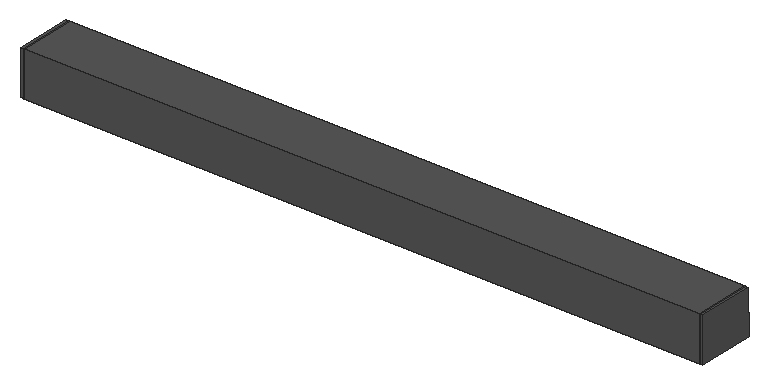
Revit family "EOS3.0-W-I", category Lighting Fixtures, host Face, Revit 2018
Family settings
  Host = Face
  Round Connector Dimension = Use Diameter
  Part Type = Normal
  Cut with Voids When Loaded = No
  Light Source = Yes
  Shared = Yes
  Room Calculation Point = Yes
Parameters (values of type "4' Indirect")
  Wattage = 17.6471 W
  built-in parameter 1150110 = 1 (stored number, unit not read)
  Voltage = 0 V
  built-in parameter 1114217 = 1 (stored number, unit not read)
  built-in parameter 1150109 = 1 (stored number, unit not read)
  built-in parameter 1150134 = 12
  Switch Leg Visibility = no
  Switch Leg [instance] = ""
  built-in parameter 1150113 = 1 (stored number, unit not read)
  Material [instance] = LUX ILLUMINAIRE Black
  built-in parameter 1150105 = 477.46 (stored number, unit not read)
  Lumens = 1500 lm
  built-in parameter 1150115 = 1 (stored number, unit not read)
  Light Source Symbol Size = 2' - 0"
  built-in parameter 1150137 = (empty or 0)
  built-in parameter 1150139 = (empty or 0)
  built-in parameter 1150112 = 1 (stored number, unit not read)
  built-in parameter 1150114 = 1 (stored number, unit not read)
  Lamp = "LED"
  built-in parameter 1150132 = 2
  built-in parameter 1150102 = (empty or 0)
  built-in parameter 1150107 = 4000 (stored number, unit not read)
  built-in parameter 1150138 = (empty or 0)
  built-in parameter 1150106 = 4.7746 (stored number, unit not read)
  Fixture Width = 0' - 3 19/128"  # constant formula
  Fixture Symbol Visiblity = yes
  Fixture Length = 4' - 0.00128"
  Emit from Rectangle Width = Fixture Width - 0' 0 1/4"  # 0' - 2 115/128"
  Emit from Rectangle Length = Fixture Length  # 4' - 0.00128"
  Emit Shape Visible in Rendering = yes
  Emergency Lighting [instance] = no
  built-in parameter 1150104 = 7.8968 (stored number, unit not read)
  Dimming Lamp Color Temperature Shift = <None>
  Default Elevation = 7' - 0"
  Color Filter = 16777215
  built-in parameter 1140040 [instance] = 1
  built-in parameter 1114218 = 1 (stored number, unit not read)
  built-in parameter 1150133 = 10 (stored number, unit not read)
  Apparent Load = 14.6 VA
Types (6): name | Wattage | built-in parameter 1150105 | Lumens | built-in parameter 1150106 | Fixture Length | Emit from Rectangle Length | Apparent Load
  3' Indirect | 13.2353 W | 358.1 (stored number, unit not read) | 1125 lm | 3.581 (stored number, unit not read) | 3' - 0" | 3' - 0" | 11 VA
  4' Indirect | 17.6471 W | 477.46 (stored number, unit not read) | 1500 lm | 4.7746 (stored number, unit not read) | 4' - 0.00128" | 4' - 0.00128" | 14.6 VA
  5' Indirect | 22.0588 W | 596.83 (stored number, unit not read) | 1875 lm | 5.9683 (stored number, unit not read) | 5' - 0" | 5' - 0" | 18.2 VA
  6' Indirect | 26.4706 W | 716.2 (stored number, unit not read) | 2250 lm | 7.162 (stored number, unit not read) | 6' - 0" | 6' - 0" | 21.9 VA
  7' Indirect | 30.8824 W | 835.56 (stored number, unit not read) | 2625 lm | 8.3556 (stored number, unit not read) | 7' - 0" | 7' - 0" | 25.5 VA
  8' Indirect | 35.2941 W | 954.93 (stored number, unit not read) | 3000 lm | 9.5493 (stored number, unit not read) | 8' - 0" | 8' - 0" | 29.2 VA
Reference planes (in)
  plane 1 "Center (Front/Back)": y = 0
  plane 2: z = 0
  plane 3 "Center (Left/Right)": x = 0
  plane 4: x = 24.00064
  plane 5: x = -24.00064
  plane 6: z = 1
  plane 7: x = 24.24868
  plane 8: x = -24.24933
  plane 9: z = 3.14844
Forms (in)
  Extrusion 1, solid, material "LUX ILLUMINAIRE Black" <- "Material"
    sketch origin (0.0005, -20.10019, 2.09616) x (0.000014, 0, -1) y (0, 1, 0)
      loop
        line (-1.05262, 20.08053) -> (2.09501, 20.08053) -> (2.09501, 24.09501) -> (2.01002, 24.09501) -> (2.01002, 23.982) -> (1.85803, 23.99997) -> (-0.81606, 23.99997) -> (-0.96763, 23.982) -> (-0.96763, 24.09501) -> (-1.05262, 24.09501) -> (-1.05262, 20.08053)
    from -24.00117 to 24.00014
  Extrusion 2, solid, material "LUX ILLUMINAIRE Black" <- "Material"
    sketch origin (0.0005, -20.10019, 2.09616) x (0.000014, 0, -1) y (0, 1, 0)
      loop
        line (-1.05227, 24.09501) -> (-1.05227, 20.08053) -> (2.09501, 20.08053) -> (2.09501, 24.09501) -> (-1.05227, 24.09501)
    from 24.00011 to 24.24818
  Extrusion 3, solid, not visible
    sketch origin (0, 0, 0) x (1, 0, 0) y (0, 1, 0)
      loop
        circle (0.00029, -24) r 0.1875
    from 0 to 1
  Extrusion 4, solid, not visible
    sketch origin (0, 0, 0) x (1, 0, 0) y (0, 1, 0)
      loop
        circle (0.0005, -24) r 0.03125
    from 1 to 13.33203
  Extrusion 5, solid, not visible
    sketch origin (0, 0, 0) x (1, 0, 0) y (0, 1, 0)
      loop
        circle (0.0005, -24) r 0.18729
    from 13.33203 to 14.08203
  Extrusion 6, solid, material "LUX ILLUMINAIRE Black" <- "Material"
    sketch origin (-23.9995, -20.10019, 2.09526) x (0.000014, 0, -1) y (0, -1, 0)
      loop
        line (-1.05318, -24.09501) -> (2.09319, -24.09501) -> (2.09319, -20.08053) -> (-1.05318, -20.08053) -> (-1.05318, -24.09501)
    from 0.00114 to 0.24986
Lines and regions (in)
  symbolic lines, visible <- "Fixture Symbol Visiblity"
    curve 1: line (24.00064, 0, 3.14844) -> (-24.00064, 0, 3.14844)
    curve 2: line (24.00064, 0, 0.09334) -> (24.00064, 0, 3.14844)
    curve 3: line (-24.00064, 0, 0.09334) -> (24.00064, 0, 0.09334)
    curve 4: line (-24.00064, 0, 3.14844) -> (-24.00064, 0, 0.09334)
Dimensions and locks (in)
  plane 5 to plane 4 = 4' - 0.00128"
  plane 4 to plane 5 = 4' - 0.00128"
  equal spacing: plane 4, plane 3 "Center (Left/Right)", plane 5
  "Fixture Length": plane 4 to plane 5
  plane 7 to plane 4 = 0' - 0.24804"
  plane 5 to plane 8 = 0' - 0.24869"
  "Fixture Width": plane 9 to level
  aligned and locked: plane 2 to host face
  aligned and locked: level to host face
  aligned and locked: plane 7 to Extrusion 2
  aligned and locked: Extrusion 2 to plane 4
  aligned and locked: plane 4 to Extrusion 1
  aligned and locked: Extrusion 6 to plane 8
  aligned and locked: plane 5 to Extrusion 6
  aligned and locked: Extrusion 1 to plane 5
  aligned and locked: plane 5 to curve 4
  aligned and locked: curve 2 to plane 4
  aligned and locked: plane 4 to nested 1
  aligned and locked: nested 1 to plane 5
Automatic sketch dimensions
  host sketch curve to host sketch curve = 8' - 0"  (x2)
  Extrusion 2 sketch curve to Extrusion 2 sketch curve = 0' - 3.14728"
  Extrusion 2 sketch curve to plane 1 "Center (Front/Back)" = 0' - 3.99482"
  plane 1 "Center (Front/Back)" to Extrusion 2 sketch curve = 0' - 0.01965"
  Extrusion 1 sketch curve to plane 1 "Center (Front/Back)" = 0' - 3.99482"
  Extrusion 1 sketch curve to Extrusion 1 sketch curve = 0' - 0.08499"
  Extrusion 1 sketch curve to Extrusion 1 sketch curve = 0' - 0.15157"
  Extrusion 1 sketch curve to plane 1 "Center (Front/Back)" = 0' - 3.89979"
  Extrusion 1 sketch curve to Extrusion 1 sketch curve = 0' - 2.67409"
  Extrusion 1 sketch curve to plane 1 "Center (Front/Back)" = 0' - 3.88182"
  Extrusion 1 sketch curve to Extrusion 1 sketch curve = 0' - 0.15199"
  Extrusion 1 sketch curve to Extrusion 1 sketch curve = 0' - 3.14763"
  Extrusion 1 sketch curve to Extrusion 1 sketch curve = 0' - 0.113"  (x2)
  plane 1 "Center (Front/Back)" to Extrusion 1 sketch curve = 0' - 0.01965"
  Extrusion 6 sketch curve to Extrusion 6 sketch curve = 0' - 3.14637"
  Extrusion 6 sketch curve to plane 1 "Center (Front/Back)" = 0' - 3.99482"
  plane 1 "Center (Front/Back)" to Extrusion 6 sketch curve = 0' - 0.01965"
  curve 2 to plane 9 = 0' - 0"
  level to curve 4 = 0' - 0.09334"
  radius of Extrusion 3 sketch curve = 0' - 0 3/16"
  radius of Extrusion 4 sketch curve = 0' - 0 1/32"
  radius of Extrusion 5 sketch curve = 0' - 0.18729"
Nested families (in)
  nested 1: "Emergency Symbol Rectangle" at (-0.00064, 0, -9.65447) x (-1, 0, 0) z (0, -1, 0), visible <- "Emergency Lighting", type "Emergency Symbol Rectangle"
    with Width 0' - 10.10582", Length 4' - 0.00128"
Connectors (in)
  electrical at (-0.00003, -2.01965, 3.36166), driven by "Apparent Load", driven by "Voltage"
    settings: on Extrusion 1, index 1, voltage 0 V, apparent load 0 VA, apparent load phase1 14.6 VA, apparent load phase2 0 VA, apparent load phase3 0 VA, power factor 1, load classification "Other", number of poles 1, system type 31, power factor state 1, is connector primary yes, connector utility no, sub classification motor no, connector description ""
Definition of nested family "Emergency Symbol Rectangle"
  Parameters (values of type "Emergency Symbol Rectangle")
    Width [instance] = 0' - 8 1/2"
    Length [instance] = 5' - 0"
    Emergency Visibility = no
  Reference planes (in)
    plane 1 "Center (Front/Back)": y = -7.75
    plane 2: z = 0
    plane 3 "Center (Left/Right)": x = -24
    plane 4: x = 24
    plane 5: x = -36
    plane 6: y = -3.5
    plane 7: y = -12
  Lines and regions (in)
    Filled region 1, type "Solid Fill - Black", in view "Ref. Level", detail levels coarse+medium
      outline origin (0, 0.25, 0) x (1, 0, 0) y (0, 1, 0)
        loop
          line (-36, -12.25) -> (24, -12.25) -> (-36, -10.125) -> (-36, -12.25)
  Dimensions and locks (in)
    equal spacing: plane 7, plane 1 "Center (Front/Back)", plane 6
    "Width": plane 7 to plane 6
    "Length": plane 5 to plane 4
    aligned and locked: plane 5 to Filled region 1
  Automatic sketch dimensions
    plane 1 "Center (Front/Back)" to Filled region 1 sketch curve = 0' - 2 1/8"
    Filled region 1 sketch curve to plane 3 "Center (Left/Right)" = 1' - 0"
    Filled region 1 sketch curve to plane 4 = 0' - 0"
    Filled region 1 sketch curve to plane 7 = 0' - 0"
